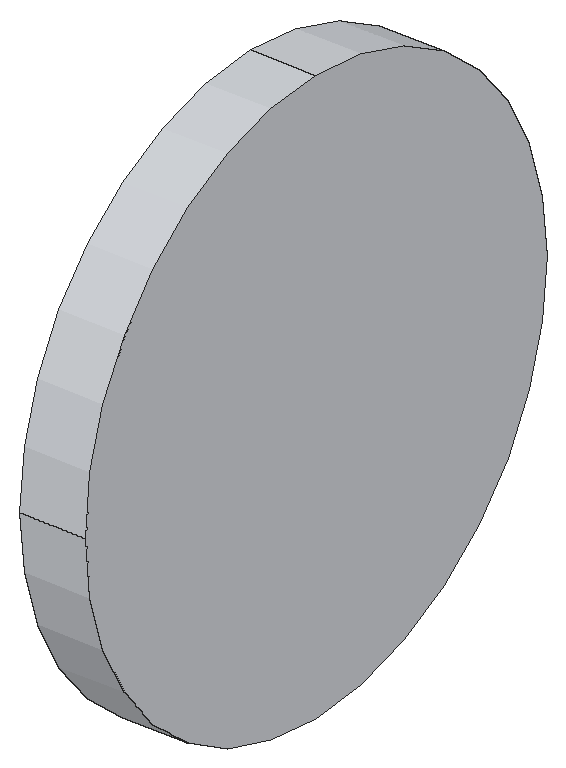
Revit family "NLRS_50_PIF_UN_koppelstuk_gen_ibl", category Pipe Fittings, Revit 2018
Family settings
  Round Connector Dimension = Use Radius
  Part Type = Union
  Work Plane-Based = No
  Always vertical = Yes
  Cut with Voids When Loaded = No
  Shared = No
Parameters (values of type "koppelstuk")
  Radius [instance] = 3.2 mm + (size_lookup(Lookup Table Name, "PipeOD", Nominal Size, Nominal Size) / 2)  # 28.2 mm
  Nominal Size [instance] = Nominal Radius * 2  # 50 mm
  Nominal Radius [instance] = 25 mm
  N [instance] = size_lookup("Pipe Straight Coupling", "N", 6.4 mm, Nominal Size)  # 6.4 mm
  Lookup Table Name [instance] = "Pipe Fitting Sizes"
  built-in parameter 1114238 [instance] = (empty or 0)
  Insulation Thickness [instance] = 0 mm
  Insulation Radius [instance] = Radius + Insulation Thickness  # 28.2 mm
  Description = "buis koppelstuk"
  Assembly Code = ""
Reference planes
  plane 1 "Center (Front/Back)": y = 0
  plane 2: z = 0
  plane 3 "Center (Left/Right)": x = 0
  plane 4: y = 28.2
  plane 5: x = -3.2
  plane 6: x = 3.2
  plane 7: y = -28.2
  plane 8: y = 3.2
  plane 9: y = -3.2
Forms (mm)
  Sweep 1, solid, detail levels fine
    path in 3D
      loop
        line (-3.2, 0, 0) -> (3.2, 0, 0)
    profile "M_Pipe-Round : M_Pipe-Round" origin (0, 0, 0) x (0, 1, 0) y (0, 0, 1)
      loop
        arc (-28.2, 0) -> (-19.94, -19.94) -> (0, -28.2) r 28.2
        arc (0, -28.2) -> (19.94, -19.94) -> (28.2, 0) r 28.2
        arc (28.2, 0) -> (19.94, 19.94) -> (0, 28.2) r 28.2
        arc (0, 28.2) -> (-19.94, 19.94) -> (-28.2, 0) r 28.2
  Sweep 2, solid, detail levels fine
    path in 3D
      loop
        line (-3.2, 0, 0) -> (3.2, 0, 0)
    profile "M_Pipe-Round : M_Pipe-Round Insulation" origin (0, 0, 0) x (0, 1, 0) y (0, 0, 1)
      loop
        arc (-28.2, 0) -> (-19.94, -19.94) -> (0, -28.2) r 28.2
        arc (0, -28.2) -> (19.94, -19.94) -> (28.2, 0) r 28.2
        arc (28.2, 0) -> (19.94, 19.94) -> (0, 28.2) r 28.2
        arc (0, 28.2) -> (-19.94, 19.94) -> (-28.2, 0) r 28.2
Lines and regions (mm)
  reference lines
    curve 1: line (-3.2, 0, 0) -> (3.2, 0, 0)
  sketch lines
    curve 2: line (-3.2, 0, 0) -> (3.2, 0, 0)
    curve 6: line (-3.2, 0, 0) -> (3.2, 0, 0)
  model lines, style "PipeFitting", detail levels coarse+medium
    curve 3: line (-3.2, 0, 0) -> (3.2, 0, 0)
    curve 5: line (3.2, 3.2, 0) -> (3.2, -3.2, 0)
  model lines, detail levels coarse+medium
    curve 4: line (-3.2, 3.2, 0) -> (-3.2, -3.2, 0)
Dimensions and locks
  equal spacing: plane 5, plane 3 "Center (Left/Right)", plane 6
  "N": plane 5 to plane 6
  "Radius": plane 1 "Center (Front/Back)" to plane 4
  "Radius": plane 7 to plane 1 "Center (Front/Back)"
  "N": plane 8 to plane 9
  equal spacing: plane 8, plane 1 "Center (Front/Back)", plane 9
  aligned and locked: plane 6 to curve 1
  aligned and locked: plane 5 to curve 1
  aligned and locked: plane 1 "Center (Front/Back)" to curve 1
  aligned and locked: plane 6 to curve 3
  aligned and locked: plane 5 to curve 3
  aligned and locked: plane 1 "Center (Front/Back)" to curve 3
  aligned and locked: curve 5 to plane 6
  aligned and locked: curve 4 to plane 5
  aligned and locked: plane 9 to curve 4
  aligned and locked: plane 8 to curve 4
  aligned and locked: plane 9 to curve 5
  aligned and locked: plane 8 to curve 5
Connectors
  piping at (-3.2, 0, 0), diameter 50, driven by "Nominal Radius"
    settings: on Sweep 1, index 1, connector inside diameter 50 mm, connector length 0 mm, flow factor 0, pipe flow 0.0 L/s, pressure drop 0.0 Pa, fitting loss kfactor 0, connector angle 0.00°, fixture units 0, engagement length 0 mm, angle of deflection 0.00°, flow configuration 0, flow direction 0, fitting loss method 0, system type 28, joint type 0, gender type 0, connector reference index 2, connector utility 0, adjustable connector no, is connector primary yes, connector description ""
  piping at (3.2, 0, 0), diameter 50, driven by "Nominal Radius"
    settings: on Sweep 1, index 2, connector inside diameter 50 mm, connector length 0 mm, flow factor 0, pipe flow 0.0 L/s, pressure drop 0.0 Pa, fitting loss kfactor 0, connector angle 0.00°, fixture units 0, engagement length 0 mm, angle of deflection 0.00°, flow configuration 0, flow direction 0, fitting loss method 0, system type 28, joint type 0, gender type 0, connector reference index 1, connector utility 0, adjustable connector no, is connector primary no, connector description ""
